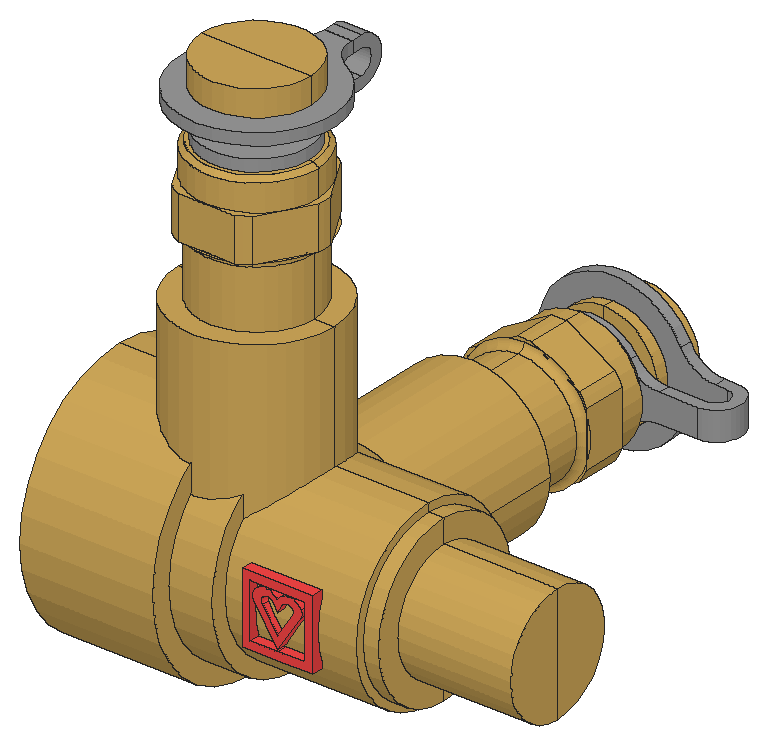
Revit family "HERZ измерительная диафрагма 4000_LF_MF", category Rohrzubehör, Revit 2021
Family settings
  Bemaßung runder Anschluss = Durchmesser verwenden
  Teiletyp = Unterbricht
  OmniClass-Nummer = 23.65.55.14
  OmniClass-Titel = Valves for Liquid Services
  Arbeitsebenenbasiert = Nein
  Immer vertikal = Ja
  Beim Laden mit Abzugskörper schneiden = Nein
  Gemeinsam genutzt = Nein
Parameters (values of type "LF")
  Среда = "Качество теплоносителя в соответствии с ÖNORM H5195 и VDI 2035.\r\nДопускается использование этилен- и пропиленгликоля в объемном соотношении 25-50 % с водой."
  Применение = "HERZ-измерительные диафрагмы устанавливаются на участках трубопроводов в системах отопления и холодоснабжения.\r\nИзмерительные диафрагмы могут устанавливаться как на подающей, так и на обратной линиях.\r\nОни устанавливаются либо вплотную к HERZ балансировочному клапану, образуя комплект, либо используются вместе с HERZ запорным клапаном.\r\nУчастки балансируются с помощью настроек балансировочного клапана при измерении потери давления на измерительной диафрагме."
  Номер заказа [instance] = if(and(LF, Nennweite = 15.00 mm), 1400011, if(and(MF, Nennweite = 15.00 mm), 1400021, 0))  # 1400011
  Мин. рабочая температура = -20 °C  # constant formula
  Макс. рабочее давление = 2000000.0 Pa  # constant formula
  Корпус = "латунь, CC770S"  # constant formula
  Исполнение = "Корпус измерительной диафрагмы выполнен из латуни, устойчивой к селективной цинковой коррозии.\r\nДва измерительных клапана встроены в диафрагму.\r\nСогласно EN 10226 на входе в диафрагму - муфта с внутренней резьба Rp и на выходе - наружная резьба R."
  kvs-значения [instance] = if(and(LF, Nennweite = 15.00 mm), 0.55, if(and(MF, Nennweite = 15.00 mm), 1.1, 0))  # 0.55
  Vorgabe-Ansicht = 0.00 mm
  URL = "www.herz-armaturen.ru"
  SCRNSEQ = "AWI;AWI_TYP=\"1001\";02"
  SCRNCODE = "02;01;02"  # constant formula
  S03 = 10.00 mm  # constant formula
  S02 [instance] = S01 - 10.00 mm  # 17.50 mm
  S01 [instance] = H01  # 27.50 mm
  R01 [instance] = 10.00 mm  # constant formula
  Nennweite [instance] = 15.00 mm  # constant formula
  Измерительные клапаны = "латунь, CW602N"  # constant formula
  Макс. рабочая температура (до DN32) = 130 °C  # constant formula
  Макс. рабочая температура (от DN40) = 110 °C  # constant formula
  MF = no
  LO01 [instance] = 30.00 mm  # constant formula
  LF = yes
  L05 [instance] = 23.00 mm  # constant formula
  L04 [instance] = 16.50 mm  # constant formula
  L03 [instance] = 22.60 mm  # constant formula
  L02 [instance] = 17.00 mm  # constant formula
  L01 [instance] = 17.50 mm  # constant formula
  L00 [instance] = 56.00 mm  # constant formula
  IG [instance] = Nennweite / 2  # 7.50 mm
  Hersteller = "HERZ Armaturen Ges.m.b.H."  # constant formula
  H01 [instance] = 27.50 mm  # constant formula
  GT1 [instance] = 14.50 mm  # constant formula
  GT [instance] = 13.00 mm  # constant formula
  D04 [instance] = D03 - 1.00 mm  # 10.50 mm
  D03 [instance] = 11.50 mm  # constant formula
  D02 [instance] = 13.50 mm  # constant formula
  D01 [instance] = 16.00 mm  # constant formula
  AG [instance] = Nennweite / 2  # 7.50 mm
Types (3, lengths in mm): name | Номер заказа | kvs-значения | MF | LF
  (no name) | 1400011 | 0.55 | no | yes
  LF | 1400011 | 0.55 | no | yes
  MF | 1400021 | 1.1 | yes | no
Reference planes
  plane 1 "Mitte (Vorne/hinten)": y = 0
  plane 2: z = 0
  plane 3 "Mitte (Links/rechts)": x = 0
Forms (mm)
  Revolve 1, solid, material "Messing, weicher Gelbton, geschweißt", detail levels fine
    sketch origin (0, 0, 0) x (1, 0, 0) y (0, 0, 1)
      loop
        line (-4.5, 0) -> (38.5, 0) -> (38.5, 7.5) -> (24, 7.5) -> (24, 10.5) -> (22, 10.5) -> (22, 11.5) -> (5.1, 11.5) -> (5.1, 13.5) -> (-0.5, 13.5) -> (-0.5, 16) -> (-17.5, 16) -> (-17.5, 7.5) -> (-4.5, 7.5) -> (-4.5, 0)
      axis (-17.5, 0) -> (38.5, 0)
    angle from 0 to 360
  Revolve 2, solid, material "Messing, weicher Gelbton, geschweißt", detail levels fine
    sketch origin (0, 0, 0) x (1, 0, 0) y (0, 0, 1)
      loop
        line (-10, 7.5) -> (0, 7.5) -> (0, 27.5) -> (-10, 27.5) -> (-10, 7.5)
      axis (0, 27.5) -> (0, 7.5)
    angle from 0 to 360
  Revolve 3, solid, material "Messing, weicher Gelbton, geschweißt", detail levels fine
    sketch origin (0, 0, 0) x (1, 0, 0) y (0, 1, 0)
      loop
        line (5.5, 7.5) -> (15.5, 7.5) -> (15.5, 27.5) -> (5.5, 27.5) -> (5.5, 7.5)
      axis (5.5, 27.5) -> (5.5, 7.5)
    angle from 0 to 360
Lines and regions (mm)
  model lines, detail levels coarse+medium
    curve 1: line (-17.5, 0, 0) -> (0.5, 0, 0)
    curve 2: line (10.5, 0, -27.5) -> (10.5, 0, 27.5)
    curve 3: line (20.5, 0, 17.5) -> (20.5, 0, -17.5)
    curve 4: line (20.5, 0, 0) -> (38.5, 0, 0)
    curve 5: line (0.5, 0, 17.5) -> (0.5, 0, -17.5)
    curve 6: line (-17.5, 0, 0) -> (0.5, 0, 0)
    curve 7: line (10.5, 27.5, 0) -> (10.5, -27.5, 0)
    curve 8: line (0.5, 17.5, 0) -> (0.5, -17.5, 0)
    curve 9: line (20.5, 17.5, 0) -> (20.5, -17.5, 0)
    curve 10: line (20.5, 0, 0) -> (38.5, 0, 0)
Dimensions and locks
  "L00": Revolve 1 sketch curve to Revolve 1 sketch curve
  "GT": Revolve 1 sketch curve to Revolve 1 sketch curve
  "L01": plane 3 "Mitte (Links/rechts)" to Revolve 1 sketch curve
  "GT1": Revolve 1 sketch curve to Revolve 1 sketch curve
  "L02": Revolve 1 sketch curve to Revolve 1 sketch curve
  "L03": Revolve 1 sketch curve to Revolve 1 sketch curve
  "L04": Revolve 1 sketch curve to Revolve 1 sketch curve
  "AG": Revolve 1 sketch curve to plane 2
  "IG": Revolve 1 sketch curve to plane 2
  "D01": Revolve 1 sketch curve to plane 2
  "D02": Revolve 1 sketch curve to plane 2
  "D03": Revolve 1 sketch curve to plane 2
  "D04": Revolve 1 sketch curve to plane 2
  "D03": nested 1 to plane 1 "Mitte (Vorne/hinten)"
  "LO01": Revolve 1 to nested 1
  "IG": Revolve 2 sketch curve to plane 2
  "H01": Revolve 2 sketch curve to plane 2
  "R01": plane 3 "Mitte (Links/rechts)" to Revolve 2 sketch curve
  "H01": nested 2 to plane 2
  "IG": plane 1 "Mitte (Vorne/hinten)" to Revolve 3 sketch curve
  "H01": plane 1 "Mitte (Vorne/hinten)" to Revolve 3 sketch curve
  "R01": Revolve 3 sketch curve to Revolve 3 sketch curve
  "L05": Revolve 1 to Revolve 3 sketch curve  (x2)
  "H01": plane 1 "Mitte (Vorne/hinten)" to nested 3
  "L05": Revolve 1 to nested 3
  "L01": Revolve 1 to nested 2
  "S01": curve 2 to curve 4 to curve 2
  "L00": curve 1 to curve 4
  "S02": curve 3 to curve 4 to curve 3
  "S03": curve 2 to curve 3
  "S03": curve 2 to curve 5
  equal spacing: curve 4, curve 2, curve 1
  "S02": curve 5 to curve 1 to curve 5
  "L01": plane 3 "Mitte (Links/rechts)" to curve 1
  "L00": curve 6 to curve 10
  equal spacing: curve 6, curve 7, curve 10
  "S03": curve 8 to curve 7 to curve 9
  "S02": curve 9 to curve 10 to curve 9
  "S02": curve 8 to curve 6 to curve 8
  "S01": curve 7 to curve 10 to curve 7
  "L01": curve 6 to plane 3 "Mitte (Links/rechts)"
  aligned and locked: level to plane 2
Automatic sketch dimensions
  curve 4 to level = 0.00 mm
  curve 1 to level = 0.00 mm
  plane 1 "Mitte (Vorne/hinten)" to curve 10 = 0.00 mm
  plane 1 "Mitte (Vorne/hinten)" to curve 6 = 0.00 mm
  Revolve 1 sketch curve to level = 0.00 mm  (x2)
  Revolve 1 sketch curve to Revolve 1 sketch curve = 1489.03 mm
  Revolve 1 sketch curve to Revolve 1 sketch curve = 1800.648 mm
  Revolve 2 sketch curve to plane 3 "Mitte (Links/rechts)" = 0.00 mm  (x2)
  Revolve 2 sketch curve to level = 366.045 mm
  Revolve 2 sketch curve to Revolve 2 sketch curve = 2186.815 mm
  Revolve 3 sketch curve to Revolve 3 sketch curve = 0.00 mm  (x2)
Nested families
  nested 1: "Herz-Logo-vorne" at (12.5, -11.5, 0) x (0, 1, 0) z (0, 0, 1), type "Herz-Logo-vorne", detail levels fine
  nested 2: "Messstutzen_Band_Eintritt_senkrecht_(oben)" at (0, 0, 18.5), type "Messstutzen_Band_Eintritt_senkrecht_(oben)", detail levels fine
    with Schutzkappe yes, Nennweite 0.00 mm, Gewicht 0.00 kg, Bestellnummer 0
  nested 3: "Messstutzen_Band_Austritt_waagrecht" at (5.5, 18.5, 0) x (0, -1, 0) z (0, 0, 1), type "Messstutzen_Band_Austritt_waagrecht", detail levels fine
    with Schutzkappe yes, Nennweite 0.00 mm, Gewicht 0.00 kg, Bestellnummer 0
Connectors
  piping at (-4.5, 0, 0), diameter 15, driven by "Nennweite"
    settings: on Revolve 1, index 1, connector inside diameter 609.6 mm, connector length 0.00 mm, flow factor 0, pipe flow 0.0 L/s, pressure drop 0.0 Pa, fitting loss kfactor 0, connector angle 0.00°, fixture units 0, engagement length 0.00 mm, angle of deflection 0.00°, flow configuration 0, flow direction 1, fitting loss method 0, system type 29, joint type 0, gender type 0, connector reference index -1, connector utility 0, adjustable connector no, is connector primary yes, connector description ""
  piping at (38.5, 0, 0), diameter 15, driven by "Nennweite"
    settings: on Revolve 1, index 2, connector inside diameter 609.6 mm, connector length 0.00 mm, flow factor 0, pipe flow 0.0 L/s, pressure drop 0.0 Pa, fitting loss kfactor 0, connector angle 0.00°, fixture units 0, engagement length 0.00 mm, angle of deflection 0.00°, flow configuration 0, flow direction 2, fitting loss method 0, system type 29, joint type 0, gender type 0, connector reference index -1, connector utility 0, adjustable connector no, is connector primary no, connector description ""
Definition of nested family "Herz-Logo-vorne"
  Parameters (values of type "Herz-Logo-vorne")
    Default Elevation = 0.00 mm
  Reference planes
    plane 1 "Mitte (Vorne/hinten)": y = 0
    plane 2: z = 0
    plane 3 "Mitte (Links/rechts)": x = 0
  Forms (mm)
    Extrusion 1, solid
      sketch origin (0.732, -0.018, 0.017) x (0, -1, 0) y (0, 0, 1)
        loop
          line (-0.018, -4.517) -> (4.482, -4.517) -> (4.482, 4.483) -> (-4.518, 4.483) -> (-4.518, -4.517) -> (-0.018, -4.517)
        loop
          line (-0.05, -3.48) -> (3.482, -3.48) -> (3.482, 3.483) -> (-3.518, 3.483) -> (-3.518, -3.48) -> (-0.05, -3.48)
        loop
          arc (-0.018, 2.383) -> (-1.543, 3.287) -> (-3.067, 2.383) r 1.738
          arc (-3.067, 2.383) -> (-3.191, 1.899) -> (-3.067, 1.415) r 1.009
          line (-3.067, 1.415) -> (-0.018, -3.281) -> (3.032, 1.415)
          arc (3.032, 1.415) -> (3.156, 1.899) -> (3.032, 2.383) r 1.009
          arc (3.032, 2.383) -> (1.507, 3.287) -> (-0.018, 2.383) r 1.738
        loop
          arc (1.885, 1.272) -> (2.005, 1.675) -> (1.885, 2.079) r 0.74
          arc (1.885, 2.079) -> (1.265, 2.416) -> (0.644, 2.079) r 0.74
          line (0.644, 2.079) -> (-0.018, 0.97) -> (-0.679, 2.079)
          arc (-0.679, 2.079) -> (-1.3, 2.416) -> (-1.921, 2.079) r 0.74
          arc (-1.921, 2.079) -> (-2.04, 1.675) -> (-1.921, 1.272) r 0.74
          line (-1.921, 1.272) -> (-0.018, -1.658) -> (1.885, 1.272)
      from 0 to 1.5
  Dimensions and locks
    aligned and locked: level to plane 2
Definition of nested family "Messstutzen_Band_Eintritt_senkrecht_(oben)"
  Parameters (values of type "Messstutzen_Band_Eintritt_senkrecht_(oben)")
    Default Elevation = 0.00 mm
    URL = "www.herz-armaturen.at"
    Schutzkappe [instance] = yes
    Nennweite [instance] = 0.00 mm
    Manufacturer = "Herz Armaturen GmbH"  # constant formula
    Gewicht [instance] = 0.00 kg
    Bestellnummer [instance] = 0
  Reference planes
    plane 1 "Mitte (Vorne/hinten)": y = 0
    plane 2: z = 0
    plane 3 "Mitte (Links/rechts)": x = 0
    plane 4 "Schlaufe 1": z = -27
    plane 5 "Schlaufe 2": z = -31.678
  Forms (mm)
    Revolve 1, solid, detail levels fine
      sketch origin (0, 0, 0) x (1, 0, 0) y (0, 0, 1)
        loop
          line (-7.4, 9) -> (-5.55, 9) -> (-5.55, 6)
          arc (-5.55, 6) -> (-5.626, 5.617) -> (-5.843, 5.293) r 1
          line (-5.843, 5.293) -> (-6.455, 4.681) -> (-6.455, 0.9) -> (-5.555, 0) -> (-2, 0) -> (-2, 17.5) -> (-8.4, 17.5)
          arc (-8.4, 17.5) -> (-7.693, 17.207) -> (-7.4, 16.5) r 1
          line (-7.4, 16.5) -> (-7.4, 9)
        loop
          line (-3.7, 27) -> (-7.3, 27) -> (-7.9, 26.4) -> (-7.9, 23) -> (-2, 23) -> (-2, 35.8) -> (-3.805, 35.8) -> (-4.415, 35.19) -> (-4.415, 30.863) -> (-3.7, 30.45) -> (-3.7, 27)
        axis (0, 0) -> (0, 35.8)
      angle from 0 to 360
    Extrusion 2, solid, detail levels fine
      sketch origin (0, 0, 17.5) x (0, 1, 0) y (-1, 0, 0)
        loop
          arc (-7.07, 5.156) -> (-7.578, 4.375) -> (-8, 3.544) r 8.75
          line (-8, 3.544) -> (-8, -3.544)
          arc (-8, -3.544) -> (-7.578, -4.375) -> (-7.07, -5.156) r 8.75
          line (-7.07, -5.156) -> (-0.93, -8.7)
          arc (-0.93, -8.7) -> (0, -8.75) -> (0.93, -8.7) r 8.75
          line (0.93, -8.7) -> (7.07, -5.156)
          arc (7.07, -5.156) -> (7.578, -4.375) -> (8, -3.544) r 8.75
          line (8, -3.544) -> (8, 3.544)
          arc (8, 3.544) -> (7.578, 4.375) -> (7.07, 5.156) r 8.75
          line (7.07, 5.156) -> (0.93, 8.7)
          arc (0.93, 8.7) -> (0, 8.75) -> (-0.93, 8.7) r 8.75
          line (-0.93, 8.7) -> (-7.07, 5.156)
      from 0 to 5.5
    Revolve 3, solid, visible <- "Schutzkappe", detail levels fine
      sketch origin (0, 0, 0) x (1, 0, 0) y (0, 0, 1)
        loop
          line (0, 35.878) -> (0, 36.678) -> (-7, 36.678) -> (-7, 33.378) -> (-6.1, 33.378) -> (-6.1, 31.678) -> (-6.9, 31.678) -> (-6.9, 30.178) -> (-4.415, 30.178) -> (-4.415, 35.268) -> (-3.805, 35.878) -> (0, 35.878)
        axis (0, 30.178) -> (0, 36.678)
      angle from 0 to 360
    Extrusion 4, solid, detail levels fine
      sketch origin (0, 0, 28.5) x (1, 0, 0) y (0, 1, 0)
        loop
          circle (0, 0) r 3.7
        loop
          arc (-3.906, 5.505) -> (0, -6.75) -> (3.906, 5.505) r 6.75
          arc (3.906, 5.505) -> (2.358, 7.288) -> (1.8, 9.582) r 5
          line (1.8, 9.582) -> (-1.8, 9.582)
          arc (-1.8, 9.582) -> (-2.358, 7.288) -> (-3.906, 5.505) r 5
      from 0 to -1.5
    Extrusion 5, solid, detail levels fine
      sketch origin (0, 0, 33.178) x (1, 0, 0) y (0, 1, 0)
        loop
          circle (0, 0) r 6.1
        loop
          arc (-4.495, 8.652) -> (0, -9.75) -> (4.495, 8.652) r 9.75
          arc (4.495, 8.652) -> (2.527, 10.493) -> (1.8, 13.089) r 5
          line (1.8, 13.089) -> (-1.8, 13.089)
          arc (-1.8, 13.089) -> (-2.527, 10.493) -> (-4.495, 8.652) r 5
      from 0 to -1.5
    Sweep 6, solid, detail levels fine
      path origin (0, 0, 0) x (0, 0, -1) y (0, -1, 0)
        loop
          line (-27.75, -9.582) -> (-27.75, -14.522)
          arc (-27.75, -14.522) -> (-30.089, -16.862) -> (-32.428, -14.522) r 2.339
          line (-32.428, -14.522) -> (-32.428, -13.089)
      profile origin (0, 12.052, 27.75) x (0, 0, 1) y (1, 0, 0)
        loop
          line (-0.75, -1.8) -> (0.75, -1.8) -> (0.75, 1.8) -> (-0.75, 1.8) -> (-0.75, -1.8)
  Dimensions and locks
    aligned and locked: level to plane 2
Definition of nested family "Messstutzen_Band_Austritt_waagrecht"
  Parameters (values of type "Messstutzen_Band_Austritt_waagrecht")
    Default Elevation = 0.00 mm
    URL = "www.herz-armaturen.at"
    Schutzkappe [instance] = yes
    Nennweite [instance] = 0.00 mm
    Manufacturer = "Herz Armaturen GmbH"  # constant formula
    Gewicht [instance] = 0.00 kg
    Bestellnummer [instance] = 0
  Reference planes
    plane 1 "Mitte (Vorne/hinten)": y = 0
    plane 2: z = 0
    plane 3 "Mitte (Links/rechts)": x = 0
  Forms (mm)
    Revolve 1, solid, detail levels fine
      sketch origin (0, 0, 0) x (0, 0, -1) y (1, 0, 0)
        loop
          line (-7.4, -9) -> (-7.4, -16.5)
          arc (-7.4, -16.5) -> (-7.693, -17.207) -> (-8.4, -17.5) r 1
          line (-8.4, -17.5) -> (-2, -17.5) -> (-2, 0) -> (-5.555, 0) -> (-6.455, -0.9) -> (-6.455, -4.681) -> (-5.843, -5.293)
          arc (-5.843, -5.293) -> (-5.626, -5.617) -> (-5.55, -6) r 1
          line (-5.55, -6) -> (-5.55, -9) -> (-7.4, -9)
        loop
          line (-3.7, -27) -> (-3.7, -30.45) -> (-4.415, -30.863) -> (-4.415, -35.19) -> (-3.805, -35.8) -> (-2, -35.8) -> (-2, -23) -> (-7.9, -23) -> (-7.9, -26.4) -> (-7.3, -27) -> (-3.7, -27)
        axis (0, 0) -> (0, -35.8)
      angle from 0 to 360
    Extrusion 2, solid, detail levels fine
      sketch origin (-17.5, 0, 0) x (0, 0, 1) y (0, 1, 0)
        loop
          line (5.156, -7.07) -> (8.7, -0.93)
          arc (8.7, -0.93) -> (8.75, 0) -> (8.7, 0.93) r 8.75
          line (8.7, 0.93) -> (5.156, 7.07)
          arc (5.156, 7.07) -> (4.375, 7.578) -> (3.544, 8) r 8.75
          line (3.544, 8) -> (-3.544, 8)
          arc (-3.544, 8) -> (-4.375, 7.578) -> (-5.156, 7.07) r 8.75
          line (-5.156, 7.07) -> (-8.7, 0.93)
          arc (-8.7, 0.93) -> (-8.75, 0) -> (-8.7, -0.93) r 8.75
          line (-8.7, -0.93) -> (-5.156, -7.07)
          arc (-5.156, -7.07) -> (-4.375, -7.578) -> (-3.544, -8) r 8.75
          line (-3.544, -8) -> (3.544, -8)
          arc (3.544, -8) -> (4.375, -7.578) -> (5.156, -7.07) r 8.75
      from 0 to 5.5
    Revolve 3, solid, visible <- "Schutzkappe", detail levels fine
      sketch origin (0, 0, 0) x (0, 0, -1) y (1, 0, 0)
        loop
          line (0, -35.878) -> (-3.805, -35.878) -> (-4.415, -35.268) -> (-4.415, -30.178) -> (-6.9, -30.178) -> (-6.9, -31.678) -> (-6.1, -31.678) -> (-6.1, -33.378) -> (-7, -33.378) -> (-7, -36.678) -> (0, -36.678) -> (0, -35.878)
        axis (0, -30.178) -> (0, -36.678)
      angle from 0 to 360
    Extrusion 4, solid, detail levels fine
      sketch origin (-27, 0, 0) x (0, 1, 0) y (0, 0, 1)
        loop
          circle (0, 0) r 3.7
        loop
          arc (5.505, 3.906) -> (-6.75, 0) -> (5.505, -3.906) r 6.75
          arc (5.505, -3.906) -> (7.288, -2.358) -> (9.582, -1.8) r 5
          line (9.582, -1.8) -> (9.582, 1.8)
          arc (9.582, 1.8) -> (7.288, 2.358) -> (5.505, 3.906) r 5
      from 0 to -1.5
    Extrusion 5, solid, detail levels fine
      sketch origin (-31.678, 0, 0) x (0, 1, 0) y (0, 0, 1)
        loop
          circle (0, 0) r 6.1
        loop
          arc (8.652, 4.495) -> (-9.75, 0) -> (8.652, -4.495) r 9.75
          arc (8.652, -4.495) -> (10.493, -2.527) -> (13.089, -1.8) r 5
          line (13.089, -1.8) -> (13.089, 1.8)
          arc (13.089, 1.8) -> (10.493, 2.527) -> (8.652, 4.495) r 5
      from 0 to -1.5
    Sweep 6, solid, detail levels fine
      path origin (0, 0, 0) x (0, -1, 0) y (1, 0, 0)
        loop
          line (-9.582, -27.75) -> (-14.522, -27.75)
          arc (-14.522, -27.75) -> (-16.862, -30.089) -> (-14.522, -32.428) r 2.339
          line (-14.522, -32.428) -> (-13.089, -32.428)
      profile origin (-27.75, 12.052, 0) x (-1, 0, 0) y (0, 0, 1)
        loop
          line (-0.75, 1.8) -> (-0.75, -1.8) -> (0.75, -1.8) -> (0.75, 1.8) -> (-0.75, 1.8)
  Cuts and joins
    joined: Extrusion 4, Extrusion 5, Sweep 6
  Dimensions and locks
    aligned and locked: level to plane 2
